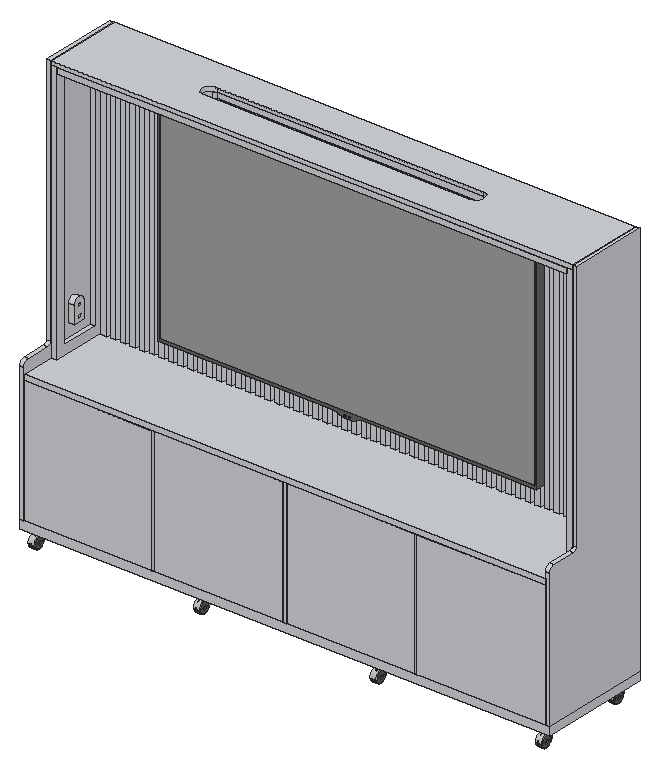
Revit family "ThinkingWall Media Wall", category Generic Models, Revit 2023
Family settings
  Can host rebar = No
  Round Connector Dimension = Use Diameter
  Part Type = Normal
  Work Plane-Based = No
  Always vertical = Yes
  Cut with Voids When Loaded = No
  Maintain Annotation Orientation = No
  Shared = No
  Room Calculation Point = No
Parameters (values of type "ThinkingWall® Media Wall")
  URL = "https://www.logovisual.com/product/whiteboards/thinkingwall/dividers/thinkingwall-mobile-media-wall/"
  TV Width = 1680 mm
  TV Height = 980 mm
  Steel Colour = none
  Panel Colour = none
  Model = "ThinkingWall® Media Wall"
  Manufacturer = "Logovisual LTD\r\n\r\n\r\n\r\nLogovisual LTD"
  Door Colour = none
  Description = "Media wall on castors to take large screen and AV integration with magnetic whiteboard to the reverse. Part of the ThinkingWall® range for flexible breakout and meeting spaces."
  Default Elevation = 0 mm
  Acoustic Colour = none
Reference planes
  plane 1 "Center (Front/Back)": y = 0
  plane 2: z = 0
  plane 3 "Center (Left/Right)": x = 0
  plane 4: z = 1871.6
  plane 5: x = -1175
  plane 6: x = 1175
  plane 7: y = -350
  plane 8: y = -500
  plane 9: z = 691.5
  plane 10 "Base": z = 109.5
  plane 11: x = -1157
  plane 12: x = 1157
  plane 13: z = 1853.6
  plane 14: z = 667.5
  plane 15 "Center L/S": z = 71.5
  plane 16: y = -18
  plane 17: x = -391.667
  plane 18: x = 700
  plane 19: x = 391.667
  plane 20: y = -93
  plane 21: y = -113
  plane 22: z = 1272.55
  plane 23: x = -9
  plane 24: x = 9
  plane 25: y = -482
  plane 26: x = -583
  plane 27: x = -578
  plane 28: x = -588
  plane 29: x = 583
  plane 30: x = 578
  plane 31: x = 588
  plane 32: z = 741.5
  plane 33: z = 741.5
  plane 34: x = -1132
  plane 35: x = 1132
Forms (mm)
  Extrusion 1, solid, material <- "Panel Colour"
    sketch origin (-1175, 2000, 1200) x (0, 1, 0) y (0, 0, 1)
      loop
        line (-2500, -1090.5) -> (-2000, -1090.5) -> (-2000, 671.6) -> (-2350, 671.6) -> (-2350, -443.5)
        arc (-2350, -443.5) -> (-2354.393, -454.107) -> (-2365, -458.5) r 15
        line (-2365, -458.5) -> (-2475, -458.5)
        arc (-2475, -458.5) -> (-2492.678, -465.822) -> (-2500, -483.5) r 25
        line (-2500, -483.5) -> (-2500, -1090.5)
    from 0 to 18
  Extrusion 2, solid, material <- "Panel Colour"
    sketch origin (1400, 2000, 1200) x (0, 1, 0) y (0, 0, -1)
      loop
        line (-2500, 1090.5) -> (-2500, 483.5)
        arc (-2500, 483.5) -> (-2492.678, 465.822) -> (-2475, 458.5) r 25
        line (-2475, 458.5) -> (-2365, 458.5)
        arc (-2365, 458.5) -> (-2354.393, 454.107) -> (-2350, 443.5) r 15
        line (-2350, 443.5) -> (-2350, -671.6) -> (-2000, -671.6) -> (-2000, 1090.5) -> (-2500, 1090.5)
    from 225 to 243
  Extrusion 3, solid
    sketch origin (0, 0, 0) x (1, 0, 0) y (0, 0, 1)
      loop
        line (-1157, 1871.6) -> (-1157, 1853.6) -> (1157, 1853.6) -> (1157, 1871.6) -> (-1157, 1871.6)
    from 0 to 350
  Extrusion 4, solid
    sketch origin (0, 0, 0) x (1, 0, 0) y (0, 0, 1)
      loop
        line (-1175, 109.5) -> (-1175, 71.5) -> (1175, 71.5) -> (1175, 109.5) -> (-1175, 109.5)
    from 0 to 500
  Extrusion 5, solid
    sketch origin (0, 0, 0) x (1, 0, 0) y (0, 0, 1)
      loop
        line (-1157, 691.5) -> (-1157, 667.5) -> (1157, 667.5) -> (1157, 691.5) -> (-1157, 691.5)
    from 18 to 500
  Extrusion 6, solid
    sketch origin (-1175, 2000, 1200) x (0, 1, 0) y (0, 0, 1)
      loop
        line (-2000, 653.6) -> (-2018, 653.6) -> (-2018, -1090.5) -> (-2000, -1090.5) -> (-2000, 653.6)
    from 18 to 2332
  Extrusion 7, solid
    sketch origin (-2150.605, -18, 1200) x (-1, 0, 0) y (0, 0, 1)
      loop
        line (-993.605, 653.6) -> (-3307.605, 653.6) -> (-3307.605, -508.5) -> (-993.605, -508.5) -> (-993.605, 653.6)
    from -75 to 0
  Extrusion 8, solid
    sketch origin (-2150.605, -18, 1200) x (-1, 0, 0) y (0, 0, 1)
      loop
        line (-2141.605, -532.5) -> (-2159.605, -532.5) -> (-2159.605, -1090.5) -> (-2141.605, -1090.5) -> (-2141.605, -532.5)
    from -482 to 0
  Extrusion 9, solid
    sketch origin (-2150.605, -18, 1200) x (-1, 0, 0) y (0, 0, 1)
      loop
        line (-1562.605, -532.5) -> (-1572.605, -532.5) -> (-1572.605, -1090.5) -> (-1562.605, -1090.5) -> (-1562.605, -532.5)
      loop
        line (-2728.605, -532.5) -> (-2738.605, -532.5) -> (-2738.605, -1090.5) -> (-2728.605, -1090.5) -> (-2728.605, -532.5)
    from -464 to 0
  Extrusion 10, solid, material <- "Door Colour"
    sketch origin (-2150.605, -18, 1200) x (-1, 0, 0) y (0, 0, 1)
      loop
        line (-993.605, -532.5) -> (-1562.605, -532.5) -> (-1562.605, -1090.5) -> (-993.605, -1090.5) -> (-993.605, -532.5)
      loop
        line (-1572.605, -532.5) -> (-2141.605, -532.5) -> (-2141.605, -1090.5) -> (-1572.605, -1090.5) -> (-1572.605, -532.5)
      loop
        line (-2159.605, -532.5) -> (-2728.605, -532.5) -> (-2728.605, -1090.5) -> (-2159.605, -1090.5) -> (-2159.605, -532.5)
      loop
        line (-2738.605, -532.5) -> (-3307.605, -532.5) -> (-3307.605, -1090.5) -> (-2738.605, -1090.5) -> (-2738.605, -532.5)
    from -482 to -464
  Sweep 11, solid, material <- "Steel Colour"
    path origin (-1157, 2000, 1200) x (0, 1, 0) y (0, 0, 1)
      loop
        line (-2350, 653.6) -> (-2350, -508.5) -> (-2093, -508.5) -> (-2093, 653.6) -> (-2350, 653.6)
    profile origin (-1157, -221.5, 1853.6) x (0, 0, 1) y (1, 0, 0)
      loop
        line (0, 0) -> (0, 25) -> (-40, 25) -> (-40, 0) -> (0, 0)
  Sweep 12, solid, material <- "Steel Colour"
    path origin (1157, 2000, 1200) x (0, 1, 0) y (0, 0, 1)
      loop
        line (-2093, 653.6) -> (-2350, 653.6) -> (-2350, -508.5) -> (-2093, -508.5) -> (-2093, 653.6)
    profile origin (1157, -221.5, 1853.6) x (0, 0, 1) y (-1, 0, 0)
      loop
        line (0, 0) -> (0, 25) -> (-40, 25) -> (-40, 0) -> (0, 0)
  Sweep 13, solid, material <- "Steel Colour"
    path origin (-1946.355, -1524, 1853.6) x (-1, 0, 0) y (0, -1, 0)
      loop
        line (-814.355, -1174) -> (-3078.355, -1174) -> (-3078.355, -1431) -> (-814.355, -1431) -> (-814.355, -1174)
    profile origin (0, -350, 1853.6) x (0, 1, 0) y (0, 0, 1)
      loop
        line (0, 0) -> (0, -25) -> (50, -25) -> (50, 0) -> (0, 0)
  Sweep 14, solid
    path origin (0, -482, 2418.386) x (0, 0, 1) y (-1, 0, 0)
      loop
        line (-2308.886, 1157) -> (-2308.886, 9) -> (-1750.886, 9) -> (-1750.886, 1157) -> (-2308.886, 1157)
    profile origin (-583, -482, 109.5) x (0, 0, 1) y (0, -1, 0)
      loop
        line (10, 0) -> (0, 0) -> (0, -464) -> (10, -464) -> (10, 0)
  Sweep 15, solid
    path origin (-2150.605, -500, 1200) x (-1, 0, 0) y (0, 0, 1)
      loop
        line (-2159.605, -532.5) -> (-3307.605, -532.5) -> (-3307.605, -1090.5) -> (-2159.605, -1090.5) -> (-2159.605, -532.5)
    profile origin (583, -500, 667.5) x (0, 0, -1) y (0, 1, 0)
      loop
        line (10, 18) -> (10, 482) -> (0, 482) -> (0, 18) -> (10, 18)
  Sweep 16, void
    path origin (-2150.605, -500, 1200) x (-1, 0, 0) y (0, 0, 1)
      loop
        line (-2150.605, 1014.315) -> (-2150.605, 328.315)
    profile origin (0, -500, 1871.315) x (0, 1, 0) y (-1, 0, 0)
      loop
        line (290, 590) -> (290, -590)
        arc (290, -590) -> (325, -625) -> (360, -590) r 35
        line (360, -590) -> (360, 590)
        arc (360, 590) -> (325, 625) -> (290, 590) r 35
Cuts and joins
  joined: Extrusion 9, Sweep 14, Sweep 15
  Sweep 16 cuts Extrusion 3
  Sweep 16 cuts Sweep 13
Lines and regions (mm)
  model lines
    curve 1: line (1157, 0, 679.5) -> (-1157, 0, 679.5)
Dimensions and locks
  plane 4 to plane 15 "Center L/S" = 1800.1 mm
  equal spacing: plane 5, plane 3 "Center (Left/Right)", plane 6
  plane 5 to plane 6 = 2350 mm
  plane 14 to plane 10 "Base" = 558 mm
  plane 1 "Center (Front/Back)" to plane 8 = 500 mm
  plane 1 "Center (Front/Back)" to plane 7 = 350 mm
  plane 11 to plane 5 = 18 mm
  plane 12 to plane 6 = 18 mm
  plane 4 to plane 13 = 18 mm
  plane 4 to plane 9 = 1180.1 mm
  locked: plane 9 to plane 14 at 24
  plane 5 to nested 1 = 50 mm
  nested 1 to plane 8 = 50 mm
  nested 2 to plane 6 = 50 mm
  nested 2 to plane 8 = 50 mm
  nested 4 to plane 1 "Center (Front/Back)" = 50 mm
  nested 4 to plane 6 = 50 mm
  plane 5 to nested 3 = 50 mm
  nested 3 to plane 1 "Center (Front/Back)" = 50 mm
  locked: plane 10 "Base" to plane 15 "Center L/S" at 38
  locked: plane 15 "Center L/S" to plane 2 at 71.5
  plane 1 "Center (Front/Back)" to plane 16 = 18 mm
  nested 5 to plane 8 = 50 mm
  nested 6 to plane 1 "Center (Front/Back)" = 50 mm
  nested 7 to plane 8 = 50 mm
  nested 8 to plane 1 "Center (Front/Back)" = 50 mm
  equal spacing: plane 5, plane 17, plane 19, plane 6
  plane 9 to Extrusion 7 = 1162.1 mm
  plane 16 to plane 20 = 75 mm
  equal spacing: group 1, group 3, group 4, group 5, group 6, group 7, group 8, group 9, group 10, group 11, group 12, group 13, group 14, group 15, group 16, group 17, group 18, group 19, group 20, group 21, group 22, group 23, group 24, group 25, group 26, group 27, group 28, group 29, group 30, group 31, group 32, group 33, group 34, group 35, group 36, group 37, group 38, group 39, group 40, group 41, group 42, group 43, group 44, group 45, group 46, group 47, group 48, group 49, group 50, group 51, group 52, group 53, group 2  (x3)
  locked: plane 20 to plane 21 at 20
  equal spacing: plane 23, plane 3 "Center (Left/Right)", plane 24
  plane 23 to plane 24 = 18 mm
  plane 25 to plane 8 = 18 mm
  equal spacing: plane 23, plane 26, plane 11
  equal spacing: plane 27, plane 26, plane 28
  locked: plane 27 to plane 28 at 10
  equal spacing: plane 24, plane 29, plane 12
  equal spacing: plane 30, plane 29, plane 31
  locked: plane 30 to plane 31 at 10
  equal spacing: plane 13, plane 22, plane 9
  locked: nested 15 to plane 9 at 100
  equal spacing: plane 7, nested 15, plane 21
  locked: plane 32 to plane 9 at 50
  locked: plane 33 to plane 9 at 50
  locked: plane 34 to plane 11 at 25
  locked: plane 35 to plane 12 at 25
  locked: nested 64 to plane 5 at 70
  locked: plane 15 "Center L/S" to nested 64 at 70
  locked: plane 10 "Base" to curve 1 at 570
  radius of Extrusion 1 sketch curve = 25 mm
  radius of Extrusion 2 sketch curve = 25 mm
  radius of Extrusion 1 sketch curve = 15 mm
  radius of Extrusion 2 sketch curve = 15 mm
  aligned and locked: level to plane 2
  aligned and locked: Extrusion 1 sketch curve to plane 4
  aligned and locked: plane 1 "Center (Front/Back)" to Extrusion 1 sketch curve
  aligned and locked: plane 7 to Extrusion 1 sketch curve
  aligned and locked: plane 8 to Extrusion 1 sketch curve
  aligned and locked: plane 10 "Base" to Extrusion 1 sketch curve
  aligned and locked: plane 11 to Extrusion 1
  aligned and locked: plane 4 to Extrusion 2 sketch curve
  aligned and locked: Extrusion 2 sketch curve to plane 1 "Center (Front/Back)"
  aligned and locked: Extrusion 2 sketch curve to plane 7
  aligned and locked: Extrusion 2 sketch curve to plane 8
  aligned and locked: Extrusion 2 sketch curve to plane 10 "Base"
  aligned and locked: Extrusion 1 to Extrusion 3 sketch curve  (x2)
  aligned and locked: plane 13 to Extrusion 3 sketch curve
  aligned and locked: plane 12 to Extrusion 3 sketch curve
  aligned and locked: Extrusion 3 to plane 1 "Center (Front/Back)"
  aligned and locked: Extrusion 3 to plane 7
  aligned and locked: Extrusion 4 sketch curve to Extrusion 1  (x2)
  aligned and locked: plane 15 "Center L/S" to Extrusion 4 sketch curve
  aligned and locked: Extrusion 4 sketch curve to plane 6
  aligned and locked: Extrusion 4 to plane 1 "Center (Front/Back)"
  aligned and locked: Extrusion 4 to plane 8
  aligned and locked: Extrusion 1 to Extrusion 5 sketch curve
  aligned and locked: plane 14 to Extrusion 5 sketch curve
  aligned and locked: plane 12 to Extrusion 5 sketch curve
  aligned and locked: Extrusion 5 to plane 8
  aligned and locked: Extrusion 6 sketch curve to Extrusion 3  (x2)
  aligned and locked: Extrusion 6 sketch curve to plane 10 "Base"
  aligned and locked: Extrusion 6 sketch curve to plane 16
  aligned and locked: Extrusion 6 to plane 11
  aligned and locked: Extrusion 6 to plane 12
  aligned and locked: plane 17 to nested 5
  aligned and locked: plane 17 to nested 6
  aligned and locked: nested 7 to plane 19
  aligned and locked: nested 8 to plane 19
  aligned and locked: Extrusion 7 sketch curve to plane 13
  aligned and locked: plane 9 to Extrusion 7 sketch curve
  aligned and locked: plane 11 to Extrusion 7 sketch curve
  aligned and locked: plane 12 to Extrusion 7 sketch curve
  aligned and locked: plane 16 to Extrusion 7
  aligned and locked: nested 9 to plane 20
  aligned and locked: nested 10 to plane 20
  aligned and locked: Extrusion 7 to plane 20
  aligned and locked: nested 9 to plane 9
  aligned and locked: nested 10 to plane 9
  aligned and locked: plane 3 "Center (Left/Right)" to nested 14
  aligned and locked: nested 14 to plane 21
  aligned and locked: plane 22 to nested 14
  aligned and locked: plane 14 to Extrusion 8 sketch curve
  aligned and locked: plane 23 to Extrusion 8 sketch curve
  aligned and locked: Extrusion 8 sketch curve to plane 10 "Base"
  aligned and locked: plane 24 to Extrusion 8 sketch curve
  aligned and locked: plane 16 to Extrusion 8
  aligned and locked: Extrusion 8 to plane 8
  aligned and locked: plane 14 to Extrusion 9 sketch curve  (x2)
  aligned and locked: Extrusion 9 sketch curve to plane 28
  aligned and locked: Extrusion 9 sketch curve to plane 10 "Base"  (x2)
  aligned and locked: Extrusion 9 sketch curve to plane 27
  aligned and locked: Extrusion 9 sketch curve to plane 30
  aligned and locked: Extrusion 9 sketch curve to plane 31
  aligned and locked: plane 16 to Extrusion 9
  aligned and locked: plane 25 to Extrusion 9
  aligned and locked: Extrusion 10 sketch curve to Extrusion 5  (x2)
  aligned and locked: Extrusion 9 to Extrusion 10 sketch curve  (x4)
  aligned and locked: Extrusion 10 sketch curve to Extrusion 9  (x4)
  aligned and locked: Extrusion 8 to Extrusion 10 sketch curve  (x2)
  aligned and locked: Extrusion 10 sketch curve to Extrusion 8  (x2)
  aligned and locked: Extrusion 10 sketch curve to Extrusion 6
  aligned and locked: Extrusion 10 sketch curve to Extrusion 2
  aligned and locked: Extrusion 10 to plane 25
  aligned and locked: Extrusion 10 to plane 8
  aligned and locked: plane 12 to Extrusion 2
  aligned and locked: plane 6 to Extrusion 2
  aligned and locked: plane 16 to Extrusion 5
  aligned and locked: Extrusion 1 sketch curve to plane 32
  aligned and locked: plane 9 to Extrusion 5
  aligned and locked: Extrusion 5 to plane 14
  aligned and locked: plane 33 to Extrusion 2 sketch curve
  aligned and locked: plane 34 to nested 9
  aligned and locked: plane 35 to nested 10
  aligned and locked: Sweep 11 sketch curve to plane 13
  aligned and locked: plane 7 to Sweep 11 sketch curve
  aligned and locked: plane 9 to Sweep 11 sketch curve
  aligned and locked: Sweep 11 sketch curve to plane 20
  aligned and locked: plane 11 to nested 15
  aligned and locked: Sweep 12 sketch curve to plane 13
  aligned and locked: Sweep 12 sketch curve to plane 20
  aligned and locked: plane 9 to Sweep 12 sketch curve
  aligned and locked: plane 7 to Sweep 12 sketch curve
  aligned and locked: Sweep 13 sketch curve to plane 7
  aligned and locked: Sweep 13 sketch curve to plane 34
  aligned and locked: Sweep 13 sketch curve to plane 20
  aligned and locked: plane 35 to Sweep 13 sketch curve
  aligned and locked: Sweep 14 sketch curve to plane 10 "Base"
  aligned and locked: Sweep 14 sketch curve to plane 23
  aligned and locked: Sweep 14 sketch curve to plane 14
  aligned and locked: Sweep 14 sketch curve to plane 11
  aligned and locked: plane 25 to Sweep 14 sketch curve
  aligned and locked: plane 10 "Base" to Sweep 14 sketch curve
  aligned and locked: plane 16 to Sweep 14 sketch curve
  aligned and locked: plane 14 to Sweep 15 sketch curve
  aligned and locked: Sweep 15 sketch curve to plane 12
  aligned and locked: plane 10 "Base" to Sweep 15 sketch curve
  aligned and locked: Sweep 15 sketch curve to plane 24
  aligned and locked: Sweep 15 sketch curve to plane 25
  aligned and locked: Sweep 15 sketch curve to plane 16
  aligned and locked: Sweep 15 sketch curve to plane 14
  aligned and locked: Sweep 16 sketch curve to plane 3 "Center (Left/Right)"
  aligned and locked: plane 12 to curve 1
  aligned and locked: plane 11 to curve 1
  aligned and locked: curve 1 to plane 1 "Center (Front/Back)"
  aligned and locked: nested 64 to plane 1 "Center (Front/Back)"
Automatic sketch dimensions
  plane 9 to Extrusion 5 sketch curve = 0 mm
  Sweep 11 sketch curve to profile plane = 0 mm  (x2)
  profile plane to Sweep 11 sketch curve = 40 mm
  profile plane to Sweep 11 sketch curve = 25 mm
  plane 12 to Sweep 12 sketch curve = 0 mm
  Sweep 12 sketch curve to profile plane = 0 mm
  plane 12 to Sweep 12 sketch curve = 25 mm
  profile plane to Sweep 12 sketch curve = 40 mm
  Sweep 13 sketch curve to profile plane = 0 mm
  Sweep 13 sketch curve to plane 13 = 0 mm
  Sweep 13 sketch curve to plane 13 = 25 mm
  Sweep 13 sketch curve to profile plane = 50 mm
  Sweep 14 sketch curve to profile plane = 10 mm
  Sweep 15 sketch curve to Sweep 15 sketch curve = 10 mm
  plane 22 to Sweep 16 sketch curve = 255.765 mm
  plane 4 to Sweep 16 sketch curve = 342.715 mm
  profile plane to Sweep 16 sketch curve = 590 mm
  Sweep 16 sketch curve to profile plane = 590 mm
  plane 8 to Sweep 16 sketch curve = 290 mm
  Sweep 16 sketch curve to Sweep 16 sketch curve = 35 mm
Nested families
  nested 1: "50mm_Caster_Wheel 2" at (-1125, -450, 0) x (0, 1, 0) z (0, 0, 1), type "50mm_Caster_Wheel 2"
  nested 2: "50mm_Caster_Wheel 2" at (1125, -450, 0) x (0, 1, 0) z (0, 0, 1), type "50mm_Caster_Wheel 2"
  nested 3: "50mm_Caster_Wheel 2" at (-1125, -50, 0) x (0, 1, 0) z (0, 0, 1), type "50mm_Caster_Wheel 2"
  nested 4: "50mm_Caster_Wheel 2" at (1125, -50, 0) x (0, 1, 0) z (0, 0, 1), type "50mm_Caster_Wheel 2"
  nested 5: "50mm_Caster_Wheel 2" at (-391.667, -450, 0) x (0, 1, 0) z (0, 0, 1), type "50mm_Caster_Wheel 2"
  nested 6: "50mm_Caster_Wheel 2" at (-391.667, -50, 0) x (0, 1, 0) z (0, 0, 1), type "50mm_Caster_Wheel 2"
  nested 7: "50mm_Caster_Wheel 2" at (391.667, -450, 0) x (0, 1, 0) z (0, 0, 1), type "50mm_Caster_Wheel 2"
  nested 8: "50mm_Caster_Wheel 2" at (391.667, -50, 0) x (0, 1, 0) z (0, 0, 1), type "50mm_Caster_Wheel 2"
  nested 9: "Panel" at (-1132, -93, 691.5), type "Panel"
    with Height 1165.1 mm
  nested 10: "Panel" at (1092, -93, 691.5), type "Panel"
    with Height 1165.1 mm
  nested 11: "Panel" at (-1089.231, -93, 691.5), type "Panel"
    with Height 1165.1 mm
  nested 12: "Panel" at (-1046.462, -93, 691.5), type "Panel"
    with Height 1165.1 mm
  nested 13: "Panel" at (-1003.692, -93, 691.5), type "Panel"
    with Height 1165.1 mm
  nested 14: "TV" at (0, -113, 782.55), type "TV"
  nested 15: "Power" at (-1157, -231.5, 791.5) x (0, 1, 0) z (0, 0, 1), type "Power"
  nested 16: "Panel" at (-960.923, -93, 691.5), type "Panel"
    with Height 1165.1 mm
  nested 17: "Panel" at (-918.154, -93, 691.5), type "Panel"
    with Height 1165.1 mm
  nested 18: "Panel" at (-875.385, -93, 691.5), type "Panel"
    with Height 1165.1 mm
  nested 19: "Panel" at (-832.615, -93, 691.5), type "Panel"
    with Height 1165.1 mm
  nested 20: "Panel" at (-789.846, -93, 691.5), type "Panel"
    with Height 1165.1 mm
  nested 21: "Panel" at (-747.077, -93, 691.5), type "Panel"
    with Height 1165.1 mm
  nested 22: "Panel" at (-704.308, -93, 691.5), type "Panel"
    with Height 1165.1 mm
  nested 23: "Panel" at (-661.538, -93, 691.5), type "Panel"
    with Height 1165.1 mm
  nested 24: "Panel" at (-618.769, -93, 691.5), type "Panel"
    with Height 1165.1 mm
  nested 25: "Panel" at (-576, -93, 691.5), type "Panel"
    with Height 1165.1 mm
  nested 26: "Panel" at (-533.231, -93, 691.5), type "Panel"
    with Height 1165.1 mm
  nested 27: "Panel" at (-490.462, -93, 691.5), type "Panel"
    with Height 1165.1 mm
  nested 28: "Panel" at (-447.692, -93, 691.5), type "Panel"
    with Height 1165.1 mm
  nested 29: "Panel" at (-404.923, -93, 691.5), type "Panel"
    with Height 1165.1 mm
  nested 30: "Panel" at (-362.154, -93, 691.5), type "Panel"
    with Height 1165.1 mm
  nested 31: "Panel" at (-319.385, -93, 691.5), type "Panel"
    with Height 1165.1 mm
  nested 32: "Panel" at (-276.615, -93, 691.5), type "Panel"
    with Height 1165.1 mm
  nested 33: "Panel" at (-233.846, -93, 691.5), type "Panel"
    with Height 1165.1 mm
  nested 34: "Panel" at (-191.077, -93, 691.5), type "Panel"
    with Height 1165.1 mm
  nested 35: "Panel" at (-148.308, -93, 691.5), type "Panel"
    with Height 1165.1 mm
  nested 36: "Panel" at (-105.538, -93, 691.5), type "Panel"
    with Height 1165.1 mm
  nested 37: "Panel" at (-62.769, -93, 691.5), type "Panel"
    with Height 1165.1 mm
  nested 38: "Panel" at (-20, -93, 691.5), type "Panel"
    with Height 1165.1 mm
  nested 39: "Panel" at (22.769, -93, 691.5), type "Panel"
    with Height 1165.1 mm
  nested 40: "Panel" at (65.538, -93, 691.5), type "Panel"
    with Height 1165.1 mm
  nested 41: "Panel" at (108.308, -93, 691.5), type "Panel"
    with Height 1165.1 mm
  nested 42: "Panel" at (151.077, -93, 691.5), type "Panel"
    with Height 1165.1 mm
  nested 43: "Panel" at (193.846, -93, 691.5), type "Panel"
    with Height 1165.1 mm
  nested 44: "Panel" at (236.615, -93, 691.5), type "Panel"
    with Height 1165.1 mm
  nested 45: "Panel" at (279.385, -93, 691.5), type "Panel"
    with Height 1165.1 mm
  nested 46: "Panel" at (322.154, -93, 691.5), type "Panel"
    with Height 1165.1 mm
  nested 47: "Panel" at (364.923, -93, 691.5), type "Panel"
    with Height 1165.1 mm
  nested 48: "Panel" at (407.692, -93, 691.5), type "Panel"
    with Height 1165.1 mm
  nested 49: "Panel" at (450.462, -93, 691.5), type "Panel"
    with Height 1165.1 mm
  nested 50: "Panel" at (493.231, -93, 691.5), type "Panel"
    with Height 1165.1 mm
  nested 51: "Panel" at (536, -93, 691.5), type "Panel"
    with Height 1165.1 mm
  nested 52: "Panel" at (578.769, -93, 691.5), type "Panel"
    with Height 1165.1 mm
  nested 53: "Panel" at (621.538, -93, 691.5), type "Panel"
    with Height 1165.1 mm
  nested 54: "Panel" at (664.308, -93, 691.5), type "Panel"
    with Height 1165.1 mm
  nested 55: "Panel" at (707.077, -93, 691.5), type "Panel"
    with Height 1165.1 mm
  nested 56: "Panel" at (749.846, -93, 691.5), type "Panel"
    with Height 1165.1 mm
  nested 57: "Panel" at (792.615, -93, 691.5), type "Panel"
    with Height 1165.1 mm
  nested 58: "Panel" at (835.385, -93, 691.5), type "Panel"
    with Height 1165.1 mm
  nested 59: "Panel" at (878.154, -93, 691.5), type "Panel"
    with Height 1165.1 mm
  nested 60: "Panel" at (920.923, -93, 691.5), type "Panel"
    with Height 1165.1 mm
  nested 61: "Panel" at (963.692, -93, 691.5), type "Panel"
    with Height 1165.1 mm
  nested 62: "Panel" at (1006.462, -93, 691.5), type "Panel"
    with Height 1165.1 mm
  nested 63: "Panel" at (1049.231, -93, 691.5), type "Panel"
    with Height 1165.1 mm
  nested 64: "Weiland Power Input" at (-1105, 0, 109.5) x (-1, 0, 0) z (0, 0, 1), type "Weiland Power Input"
Definition of nested family "50mm_Caster_Wheel 2"
  Parameters (values of type "50mm_Caster_Wheel 2")
    Default Elevation = 0 mm
  Reference planes
    plane 1 "Center (Front/Back)": y = 0
    plane 2: z = 0
    plane 3 "Center (Left/Right)": x = 0
    plane 4 "VWhlCntr": x = -22
    plane 5 "WhlCntr": z = 25
    plane 6: z = 56.73
    plane 7: z = 55.23
  Forms (mm)
    Revolve 1, solid
      sketch origin (0, 0, 25) x (-1, 0, 0) y (0, -1, 0)
        loop
          line (45.5, 13.5) -> (29.872, 13.5) -> (30.032, 14.411)
          arc (30.032, 14.411) -> (29.873, 15.004) -> (29.317, 15.263) r 0.727
          line (29.317, 15.263) -> (22, 15.263) -> (22, 4.169) -> (47, 4.169) -> (47, 12)
          arc (47, 12) -> (46.561, 13.061) -> (45.5, 13.5) r 1.5
        loop
          arc (45.5, -13.5) -> (46.561, -13.061) -> (47, -12) r 1.5
          line (47, -12) -> (47, -4.169) -> (22, -4.169) -> (22, -15.263) -> (29.317, -15.263)
          arc (29.317, -15.263) -> (29.873, -15.004) -> (30.032, -14.411) r 0.727
          line (30.032, -14.411) -> (29.872, -13.5) -> (45.5, -13.5)
        axis (22, 15.263) -> (22, -15.263)
      angle from 0 to 360
    Revolve 2, solid
      sketch origin (0, 0, 25) x (-1, 0, 0) y (0, -1, 0)
        loop
          line (22, 3.174) -> (33.047, 3.174)
          arc (33.047, 3.174) -> (32.755, 3.878) -> (32.052, 4.169) r 0.995
          line (32.052, 4.169) -> (22, 4.169) -> (22, 3.174)
        loop
          line (22, -3.174) -> (22, -4.169) -> (32.052, -4.169)
          arc (32.052, -4.169) -> (32.755, -3.878) -> (33.047, -3.174) r 0.995
          line (33.047, -3.174) -> (22, -3.174)
        axis (22, 4.169) -> (22, -4.169)
      angle from 0 to 360
    Revolve 3, solid
      sketch origin (0, 0, 0) x (1, 0, 0) y (0, 0, 1)
        loop
          line (0, 60) -> (21.525, 60) -> (21.525, 62.198)
          arc (21.525, 62.198) -> (20.577, 63.345) -> (19.43, 64.292) r 7.866
          arc (19.43, 64.292) -> (16.996, 68.264) -> (12.416, 67.416) r 4.113
          line (12.416, 67.416) -> (10, 65) -> (10, 70) -> (0, 70) -> (0, 60)
        axis (0, 60) -> (0, 70)
      angle from 0 to 360
    Extrusion 4, solid
      sketch origin (0, 0, 0) x (1, 0, 0) y (0, 0, 1)
        loop
          circle (-22, 25) r 2.964
      from -12.5 to 12.5
    Extrusion 5, solid
      sketch origin (0, 0, 70) x (1, 0, 0) y (0, 1, 0)
        loop
          line (-25, 25) -> (-25, -25) -> (25, -25) -> (25, 25) -> (-25, 25)
      from 0 to 1.5
    Extrusion 6, solid
      sketch origin (0, 0, 0) x (1, 0, 0) y (0, 0, 1)
        loop
          line (-49.398, 25.312) -> (-47.348, 25.312)
          arc (-47.348, 25.312) -> (-22.059, 50.601) -> (3.229, 25.313) r 25.288
          line (3.229, 25.313) -> (5.279, 25.313)
          arc (5.279, 25.313) -> (-22.059, 52.651) -> (-49.398, 25.312) r 27.339
      from -13.5 to 13.5
    Extrusion 7, solid
      sketch origin (0, 0, 0) x (1, 0, 0) y (0, 0, 1)
        loop
          arc (-22.059, 52.651) -> (-2.728, 44.644) -> (5.279, 25.312) r 27.339
          line (5.279, 25.312) -> (5.279, 60) -> (-22.059, 60) -> (-22.059, 52.651)
      from -13.5 to 13.5
  Dimensions and locks
    plane 3 "Center (Left/Right)" to plane 4 "VWhlCntr" = 22 mm
    Revolve 3 to level = 70 mm
    Revolve 3 to plane 2 = 70 mm
    diameter of Revolve 1 = 50 mm
    aligned and locked: level to plane 2
Definition of nested family "Panel"
  Parameters (values of type "Panel")
    Zero = 0 mm
    Height = 1190.083 mm
    Default Elevation = 0 mm
    Acoustic = none
  Reference planes
    plane 1 "Center (Front/Back)": y = 0
    plane 2: z = 0
    plane 3 "Center (Left/Right)": x = 0
    plane 4: z = 1190.083
    plane 5: x = 40
    plane 6: y = -20
    plane 7: z = 0
    plane 8: x = 8
    plane 9: x = 32
  Forms (mm)
    Extrusion 1, solid, material <- "Acoustic"
      sketch origin (0, 0, 0) x (1, 0, 0) y (0, 1, 0)
        loop
          line (0, 0) -> (8, -20) -> (32, -20) -> (40, 0) -> (0, 0)
      from 0 to 1190.083
  Dimensions and locks
    plane 3 "Center (Left/Right)" to plane 5 = 40 mm
    plane 6 to plane 1 "Center (Front/Back)" = 20 mm
    "Height": plane 4 to plane 2
    "Zero": plane 7 to level
    plane 5 to plane 3 "Center (Left/Right)" = 40 mm
    plane 3 "Center (Left/Right)" to plane 8 = 8 mm
    plane 9 to plane 5 = 8 mm
    aligned and locked: level to plane 2
    aligned and locked: plane 1 "Center (Front/Back)" to Extrusion 1 sketch curve
    aligned and locked: plane 6 to Extrusion 1 sketch curve
    aligned and locked: Extrusion 1 to plane 7
    aligned and locked: plane 4 to Extrusion 1
  Automatic sketch dimensions
    Extrusion 1 sketch curve to plane 3 "Center (Left/Right)" = 0 mm
    Extrusion 1 sketch curve to plane 8 = 0 mm
    Extrusion 1 sketch curve to plane 9 = 0 mm
    Extrusion 1 sketch curve to plane 5 = 0 mm
Definition of nested family "TV"
  Parameters (values of type "TV")
    Width = 1680 mm
    Screen = none
    Height = 980 mm
    Default Elevation = 0 mm
    Boarder = 10 mm
  Reference planes
    plane 1 "Center (Front/Back)": y = 0
    plane 2: z = 0
    plane 3 "Center (Left/Right)": x = 0
    plane 4: x = -840
    plane 5: x = 840
    plane 6: z = 980
    plane 7: z = 970
    plane 8: x = -830
    plane 9: x = 830
    plane 10: z = 10
    plane 11: y = -20
    plane 12: y = -40
    plane 13: z = 490
  Forms (mm)
    Extrusion 1, solid
      sketch origin (0, 0, 0) x (1, 0, 0) y (0, 0, 1)
        loop
          line (-840, 980) -> (-840, 0) -> (840, 0) -> (840, 980) -> (-840, 980)
        loop
          line (-830, 970) -> (-830, 10) -> (830, 10) -> (830, 970) -> (-830, 970)
      from 0 to 40
    Extrusion 2, solid
      sketch origin (0, 0, 0) x (1, 0, 0) y (0, 0, 1)
        loop
          line (-830, 970) -> (-830, 10) -> (830, 10) -> (830, 970) -> (-830, 970)
      from 0 to 20
    Extrusion 3, solid
      sketch origin (0, 0, 0) x (1, 0, 0) y (0, 0, 1)
        loop
          line (-65, 10) -> (-65, 4.651)
          arc (-65, 4.651) -> (0, -15.673) -> (65, 4.651) r 114.105
          line (65, 4.651) -> (65, 10) -> (-65, 10)
      from 0 to 40
    Extrusion 4, solid
      sketch origin (0, 0, 0) x (1, 0, 0) y (0, 0, 1)
        loop
          circle (-10.782, -6.722) r 2.8
      from 0 to 41
    Extrusion 5, solid
      sketch origin (0, 0, 0) x (-1, 0, 0) y (0, 0, -1)
        loop
          circle (-10.782, 6.722) r 2.8
      from 0 to 41
    Extrusion 6, solid, material <- "Screen"
      sketch origin (0, 0, 0) x (1, 0, 0) y (0, 0, 1)
        loop
          line (-830, 970) -> (-830, 10) -> (830, 10) -> (830, 970) -> (-830, 970)
      from 20 to 40
  Cuts and joins
    joined: Extrusion 1, Extrusion 3
  Dimensions and locks
    equal spacing: plane 5, plane 3 "Center (Left/Right)", plane 4
    "Width": plane 5 to plane 4
    "Height": plane 6 to level
    "Boarder": plane 8 to plane 4
    "Boarder": plane 5 to plane 9
    "Boarder": plane 6 to plane 7
    "Boarder": plane 10 to level
    plane 1 "Center (Front/Back)" to plane 11 = 20 mm
    plane 11 to plane 12 = 20 mm
    equal spacing: plane 6, plane 13, level
    aligned and locked: level to plane 2
    aligned and locked: Extrusion 1 sketch curve to plane 6
    aligned and locked: plane 4 to Extrusion 1 sketch curve
    aligned and locked: plane 2 to Extrusion 1 sketch curve
    aligned and locked: Extrusion 1 sketch curve to plane 5
    aligned and locked: Extrusion 1 sketch curve to plane 7
    aligned and locked: plane 8 to Extrusion 1 sketch curve
    aligned and locked: plane 10 to Extrusion 1 sketch curve
    aligned and locked: Extrusion 1 sketch curve to plane 9
    aligned and locked: Extrusion 2 sketch curve to Extrusion 1  (x4)
    aligned and locked: Extrusion 2 to plane 11
    aligned and locked: Extrusion 2 to plane 1 "Center (Front/Back)"
    aligned and locked: cut or joined group of Extrusion 1, Extrusion 3 to plane 1 "Center (Front/Back)"
    aligned and locked: cut or joined group of Extrusion 1, Extrusion 3 to plane 12
    aligned and locked: Extrusion 6 sketch curve to Extrusion 2  (x4)
    aligned and locked: plane 11 to Extrusion 6
    aligned and locked: Extrusion 6 to plane 12
  Automatic sketch dimensions
    Extrusion 3 sketch curve to plane 10 = 0 mm
    Extrusion 3 sketch curve to plane 3 "Center (Left/Right)" = 0 mm
    Extrusion 3 sketch curve to plane 3 "Center (Left/Right)" = 65 mm
    plane 3 "Center (Left/Right)" to Extrusion 3 sketch curve = 65 mm
    level to Extrusion 3 sketch curve = 4.651 mm
    plane 10 to Extrusion 3 sketch curve = 88.432 mm
    Extrusion 4 sketch curve to plane 3 "Center (Left/Right)" = 10.782 mm
    Extrusion 4 sketch curve to level = 6.722 mm
    plane 3 "Center (Left/Right)" to Extrusion 5 sketch curve = 10.782 mm
    Extrusion 5 sketch curve to level = 6.722 mm
    radius of Extrusion 4 sketch curve = 2.8 mm
    radius of Extrusion 5 sketch curve = 2.8 mm
Definition of nested family "Power"
  Parameters (values of type "Power")
    Power Metrial = none
    Default Elevation = 0 mm
  Reference planes
    plane 1 "Center (Front/Back)": y = 0
    plane 2: z = 0
    plane 3 "Center (Left/Right)": x = 0
    plane 4: x = -25
    plane 5: x = 25
    plane 6: y = -140
    plane 7: z = 70
    plane 8: z = 35
  Forms (mm)
    Extrusion 1, solid, material <- "Power Metrial"
      sketch origin (0, 0, 0) x (1, 0, 0) y (0, 0, 1)
        loop
          line (-25, 0) -> (25, 0) -> (25, 75)
          arc (25, 75) -> (0, 100) -> (-25, 75) r 25
          line (-25, 75) -> (-25, 0)
      from 0 to 30
    Extrusion 2, void
      sketch origin (0, -30, 0) x (-1, 0, 0) y (0, 0, 1)
        loop
          circle (0, 68.021) r 10
        loop
          circle (0, 21.979) r 10
      from 0 to 1
    Extrusion 3, void
      sketch origin (0, -29, 0) x (-1, 0, 0) y (0, 0, 1)
        loop
          line (1.919, 71.867) -> (-1.919, 71.867) -> (-1.919, 70.561) -> (1.919, 70.561) -> (1.919, 71.867)
        loop
          line (1.919, 64.176) -> (1.919, 65.482) -> (-1.919, 65.482) -> (-1.919, 64.176) -> (1.919, 64.176)
        loop
          line (0.455, 26.783) -> (-0.455, 26.783) -> (-0.455, 23.763) -> (0.455, 23.763) -> (0.455, 26.783)
        loop
          line (3.753, 18.207) -> (3.753, 19.117) -> (0.733, 19.117) -> (0.733, 18.207) -> (3.753, 18.207)
        loop
          line (-3.753, 18.207) -> (-0.733, 18.207) -> (-0.733, 19.117) -> (-3.753, 19.117) -> (-3.753, 18.207)
      from 0 to 5
  Cuts and joins
    Extrusion 2, Extrusion 3 cuts Extrusion 1
  Dimensions and locks
    equal spacing: plane 7, plane 8, level
    plane 7 to level = 70 mm
    equal spacing: plane 5, plane 3 "Center (Left/Right)", plane 4
    plane 5 to plane 4 = 50 mm
    aligned and locked: level to plane 2
    aligned and locked: plane 4 to Extrusion 1 sketch curve
    aligned and locked: plane 2 to Extrusion 1 sketch curve
    aligned and locked: Extrusion 1 sketch curve to plane 5
  Automatic sketch dimensions
    Extrusion 1 to Extrusion 2 sketch curve = 25 mm  (x2)
    Extrusion 1 to Extrusion 2 sketch curve = 21.979 mm
    Extrusion 2 sketch curve to Extrusion 2 sketch curve = 46.043 mm
    Extrusion 3 sketch curve to Extrusion 3 sketch curve = 1.834 mm
    Extrusion 3 sketch curve to Extrusion 3 sketch curve = 0 mm  (x2)
    Extrusion 3 sketch curve to Extrusion 3 sketch curve = 3.02 mm  (x3)
    Extrusion 3 sketch curve to Extrusion 3 sketch curve = 0.278 mm
    Extrusion 3 sketch curve to Extrusion 3 sketch curve = 0.91 mm  (x3)
    Extrusion 3 sketch curve to Extrusion 3 sketch curve = 1.466 mm
    Extrusion 3 sketch curve to Extrusion 3 sketch curve = 3.837 mm  (x2)
    Extrusion 3 sketch curve to Extrusion 3 sketch curve = 4.646 mm
    Extrusion 3 sketch curve to Extrusion 3 sketch curve = 37.392 mm
    Extrusion 3 sketch curve to Extrusion 3 sketch curve = 1.306 mm  (x2)
    Extrusion 3 sketch curve to Extrusion 3 sketch curve = 5.079 mm
    plane 7 to Extrusion 1 sketch curve = 5 mm
    radius of Extrusion 2 sketch curve = 10 mm  (x2)
Definition of nested family "Weiland Power Input"
  Parameters (values of type "Weiland Power Input")
    Default Elevation = 0 mm
  Reference planes
    plane 1 "Center (Front/Back)": y = 0
    plane 2: z = 0
    plane 3 "Center (Left/Right)": x = 0
    plane 4: x = -32
    plane 5: z = 64
    plane 6: x = 32
    plane 7: z = 32
  Forms (mm)
    Extrusion 1, solid
      sketch origin (0, 0, -365.748) x (1, 0, 0) y (0, 0, 1)
        loop
          circle (0, 397.748) r 32
      from 0 to 1
  Dimensions and locks
    aligned and locked: level to plane 2
